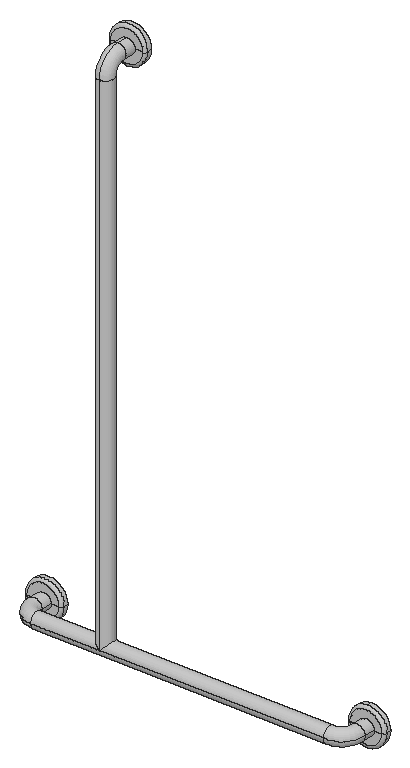
Revit family "rba-bim-rba4110-923", category Plumbing Fixtures, Revit 2018
Family settings
  Round Connector Dimension = Use Diameter
  Part Type = Normal
  Work Plane-Based = No
  Always vertical = Yes
  Cut with Voids When Loaded = No
  Shared = No
  Room Calculation Point = No
Parameters (values of type "RBA4110-923")
  Watermarked By = "www.rba.com.au"
  URL = "www.rba.com.au"
  Phone Number = "1300 788 778"
  OFFSET [instance] = 800 mm
  Modified Issue = "20161215.01"
  Model = "RBA4110-923"
  Materials and Finishes = Stainless Steel Satin Finish
  Manufacturer = "RBA Group"
  Diameter = 32 mm
  Description = "90° Angled Shower Grab Rail"
  Copyright by = "RBA Group"
Reference planes
  plane 1 "Center (Front/Back)": y = 0
  plane 2: z = 0
  plane 3 "Center (Left/Right)": x = 0
  plane 4: z = 800
  plane 5: x = -175
  plane 6: x = 500
  plane 7: y = -87
  plane 8: y = -71
  plane 9: y = -55
  plane 10: x = 16
  plane 11: x = -16
  plane 12: z = 784
Forms (mm)
  Sweep 1, solid, material "Stainless Steel Satin Finish" <- "Materials and Finishes"
    path origin (0, 0, 0) x (1, 0, 0) y (0, 1, 0)
      loop
        line (-175, -10) -> (-175, -39)
        arc (-175, -39) -> (-165.627, -61.627) -> (-143, -71) r 32
        line (-143, -71) -> (468, -71)
        arc (468, -71) -> (490.627, -61.627) -> (500, -39) r 32
        line (500, -39) -> (500, -10)
    profile origin (-175, -24.5, 0) x (1, 0, 0) y (0, 0, 1)
      loop
        circle (0, 784) r 16
  Sweep 2, solid, material "Stainless Steel Satin Finish" <- "Materials and Finishes"
    path origin (0, 0, 0) x (0, 1, 0) y (0, 0, 1)
      loop
        line (-10, 1884) -> (-39, 1884)
        arc (-39, 1884) -> (-61.627, 1874.627) -> (-71, 1852) r 32
        line (-71, 1852) -> (-71, 784)
    profile origin (0, -24.5, 1884) x (0, 0, -1) y (1, 0, 0)
      loop
        circle (0, 0) r 16
  Revolve 3, solid, material "Stainless Steel Satin Finish" <- "Materials and Finishes"
    sketch origin (-0.48, 0, 784) x (1, 0, 0) y (0, 1, 0)
      loop
        line (-175, 0) -> (-214, 0) -> (-214, -9.179)
        arc (-214, -9.179) -> (-212.295, -13.295) -> (-208.179, -15) r 5.821
        line (-208.179, -15) -> (-175, -15) -> (-175, 0)
      axis (-175, -15) -> (-175, 0)
    angle from 0 to 360
  Extrusion 4, solid, material "Stainless Steel Satin Finish" <- "Materials and Finishes"
    sketch origin (-87.98, 0, 0) x (1, 0, 0) y (0, 0, 1)
      loop
        circle (-87.5, 784) r 37.5
    from 0 to 10
  Extrusion 5, solid, material "Stainless Steel Satin Finish" <- "Materials and Finishes"
    sketch origin (587.02, 0, 0) x (1, 0, 0) y (0, 0, 1)
      loop
        circle (-87.5, 784) r 37.5
    from 0 to 10
  Extrusion 6, void
    sketch origin (174.52, 0, 1100) x (1, 0, 0) y (0, 0, 1)
      loop
        circle (-151.428, 798.164) r 5
      loop
        circle (-151.428, 769.836) r 5
      loop
        circle (-198.572, 798.164) r 5
      loop
        circle (-174.52, 756.504) r 5
      loop
        circle (-198.572, 769.836) r 5
    from 0 to 10
  Extrusion 7, solid, material "Stainless Steel Satin Finish" <- "Materials and Finishes"
    sketch origin (87.02, 0, 1100) x (1, 0, 0) y (0, 0, 1)
      loop
        circle (-87.5, 784) r 37.5
    from 0 to 10
  Extrusion 8, void
    sketch origin (-0.48, 0, 1100) x (1, 0, 0) y (0, 0, 1)
      loop
        circle (-151.428, -301.836) r 5
      loop
        circle (-151.428, -330.164) r 5
      loop
        circle (-198.572, -301.836) r 5
      loop
        circle (-174.52, -343.496) r 5
      loop
        circle (-198.572, -330.164) r 5
    from 0 to 10
  Extrusion 9, void
    sketch origin (674.52, 0, 1100) x (1, 0, 0) y (0, 0, 1)
      loop
        circle (-151.428, -301.836) r 5
      loop
        circle (-151.428, -330.164) r 5
      loop
        circle (-198.572, -301.836) r 5
      loop
        circle (-174.52, -343.496) r 5
      loop
        circle (-198.572, -330.164) r 5
    from 0 to 10
  Revolve 10, solid, material "Stainless Steel Satin Finish" <- "Materials and Finishes"
    sketch origin (174.52, 0, 1884) x (1, 0, 0) y (0, 1, 0)
      loop
        line (-175, 0) -> (-214, 0) -> (-214, -9.179)
        arc (-214, -9.179) -> (-212.295, -13.295) -> (-208.179, -15) r 5.821
        line (-208.179, -15) -> (-175, -15) -> (-175, 0)
      axis (-175, -15) -> (-175, 0)
    angle from 0 to 360
  Revolve 11, solid, material "Stainless Steel Satin Finish" <- "Materials and Finishes"
    sketch origin (674.52, 0, 784) x (1, 0, 0) y (0, 1, 0)
      loop
        line (-175, 0) -> (-214, 0) -> (-214, -9.179)
        arc (-214, -9.179) -> (-212.295, -13.295) -> (-208.179, -15) r 5.821
        line (-208.179, -15) -> (-175, -15) -> (-175, 0)
      axis (-175, -15) -> (-175, 0)
    angle from 0 to 360
Cuts and joins
  Extrusion 8 cuts Extrusion 4
  Extrusion 6 cuts Extrusion 7
  Extrusion 8 cuts Revolve 3
  Extrusion 6 cuts Revolve 10
  Extrusion 9 cuts Revolve 11
  joined: Sweep 1, Sweep 2, Revolve 3, Revolve 10, Revolve 11
  Extrusion 9 cuts Extrusion 5
Dimensions and locks
  "OFFSET": plane 4 to level
  aligned and locked: level to plane 2
Automatic sketch dimensions
  plane 1 "Center (Front/Back)" to Sweep 1 sketch curve = 39 mm  (x2)
  Sweep 1 sketch curve to plane 3 "Center (Left/Right)" = 175 mm
  Sweep 1 sketch curve to Sweep 1 sketch curve = 32 mm
  plane 3 "Center (Left/Right)" to Sweep 1 sketch curve = 468 mm
  plane 1 "Center (Front/Back)" to Sweep 1 sketch curve = 10 mm  (x2)
  profile plane to Sweep 1 sketch curve = 0 mm
  level to Sweep 1 sketch curve = 784 mm
  plane 1 "Center (Front/Back)" to Sweep 2 sketch curve = 71 mm
  Sweep 2 sketch curve to Sweep 2 sketch curve = 32 mm
  plane 4 to Sweep 2 sketch curve = 1052 mm
  plane 1 "Center (Front/Back)" to Sweep 2 sketch curve = 10 mm
  Sweep 2 sketch curve to plane 4 = 16 mm
  Sweep 2 sketch curve to plane 3 "Center (Left/Right)" = 0 mm
  Sweep 2 sketch curve to profile plane = 0 mm
  plane 1 "Center (Front/Back)" to Revolve 3 sketch curve = 0 mm  (x2)
  plane 1 "Center (Front/Back)" to Revolve 3 sketch curve = 9.179 mm
  Revolve 3 sketch curve to plane 3 "Center (Left/Right)" = 214.48 mm
  Revolve 3 sketch curve to Revolve 3 sketch curve = 5.821 mm
  Revolve 3 sketch curve to Revolve 3 sketch curve = 33.179 mm
  Revolve 3 sketch curve to Revolve 3 sketch curve = 0 mm
  Revolve 3 sketch curve to Revolve 3 sketch curve = 10 mm
  Extrusion 4 sketch curve to plane 4 = 16 mm
  Extrusion 4 sketch curve to plane 3 "Center (Left/Right)" = 175.48 mm
  Extrusion 5 sketch curve to plane 4 = 16 mm
  plane 3 "Center (Left/Right)" to Extrusion 5 sketch curve = 499.52 mm
  Extrusion 6 sketch curve to plane 3 "Center (Left/Right)" = 0 mm
  Extrusion 6 sketch curve to plane 3 "Center (Left/Right)" = 24.052 mm  (x2)
  plane 3 "Center (Left/Right)" to Extrusion 6 sketch curve = 23.092 mm  (x2)
  plane 4 to Extrusion 6 sketch curve = 1056.504 mm
  Extrusion 6 sketch curve to Extrusion 6 sketch curve = 13.332 mm  (x2)
  Extrusion 6 sketch curve to Extrusion 6 sketch curve = 28.327 mm  (x2)
  Extrusion 7 sketch curve to plane 3 "Center (Left/Right)" = 0.48 mm
  plane 4 to Extrusion 7 sketch curve = 1084 mm
  Extrusion 8 sketch curve to plane 4 = 1.836 mm  (x2)
  Extrusion 8 sketch curve to plane 3 "Center (Left/Right)" = 199.052 mm
  Extrusion 8 sketch curve to Extrusion 8 sketch curve = 0 mm  (x2)
  Extrusion 8 sketch curve to Extrusion 8 sketch curve = 24.052 mm
  Extrusion 8 sketch curve to Extrusion 8 sketch curve = 23.092 mm
  Extrusion 8 sketch curve to Extrusion 8 sketch curve = 28.327 mm  (x2)
  Extrusion 8 sketch curve to Extrusion 8 sketch curve = 13.332 mm
  Extrusion 9 sketch curve to plane 4 = 1.836 mm  (x2)
  plane 3 "Center (Left/Right)" to Extrusion 9 sketch curve = 475.948 mm
  Extrusion 9 sketch curve to Extrusion 9 sketch curve = 0 mm  (x2)
  Extrusion 9 sketch curve to Extrusion 9 sketch curve = 24.052 mm
  Extrusion 9 sketch curve to Extrusion 9 sketch curve = 23.092 mm
  Extrusion 9 sketch curve to Extrusion 9 sketch curve = 28.327 mm  (x2)
  Extrusion 9 sketch curve to Extrusion 9 sketch curve = 13.332 mm
  plane 1 "Center (Front/Back)" to Revolve 10 sketch curve = 0 mm  (x2)
  plane 1 "Center (Front/Back)" to Revolve 10 sketch curve = 9.179 mm
  Revolve 10 sketch curve to plane 3 "Center (Left/Right)" = 39.48 mm
  Revolve 10 sketch curve to Revolve 10 sketch curve = 5.821 mm
  Revolve 10 sketch curve to plane 3 "Center (Left/Right)" = 0.48 mm
  Revolve 10 sketch curve to Revolve 10 sketch curve = 0 mm
  Revolve 10 sketch curve to plane 1 "Center (Front/Back)" = 10 mm
  plane 1 "Center (Front/Back)" to Revolve 11 sketch curve = 0 mm  (x2)
  plane 1 "Center (Front/Back)" to Revolve 11 sketch curve = 9.179 mm
  plane 3 "Center (Left/Right)" to Revolve 11 sketch curve = 460.52 mm
  Revolve 11 sketch curve to Revolve 11 sketch curve = 5.821 mm
  Revolve 11 sketch curve to Revolve 11 sketch curve = 33.179 mm
  Revolve 11 sketch curve to Revolve 11 sketch curve = 0 mm
  Revolve 11 sketch curve to plane 1 "Center (Front/Back)" = 10 mm
  radius of Sweep 1 sketch curve = 16 mm
  radius of Sweep 2 sketch curve = 16 mm
  radius of Extrusion 4 sketch curve = 37.5 mm
  radius of Extrusion 5 sketch curve = 37.5 mm
  radius of Extrusion 6 sketch curve = 5 mm  (x5)
  radius of Extrusion 7 sketch curve = 37.5 mm
  radius of Extrusion 8 sketch curve = 5 mm  (x5)
  radius of Extrusion 9 sketch curve = 5 mm  (x5)
